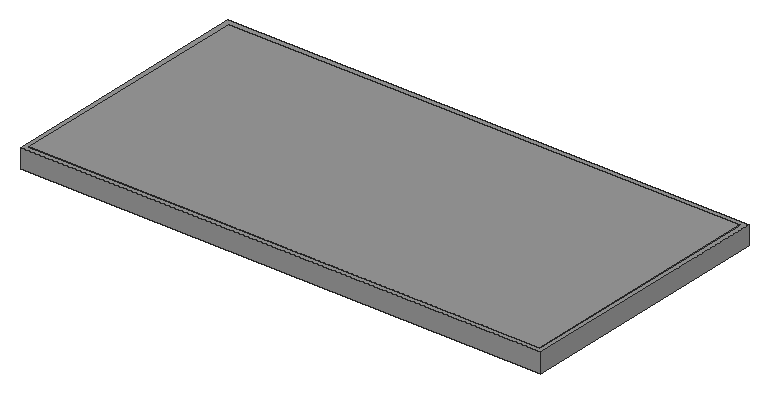
Revit family "ДВО-06 58 Вт 1195 DALI", category Осветительные приборы, Revit 2019
Family settings
  Основа = Потолок
  Размер круглого соединителя = Использовать диаметр
  Тип детали = Нормальный
  Номер OmniClass = 23.80.70.11
  Заголовок OmniClass = Luminaries for Internal Lighting
  Всегда вертикально = Да
  При загрузке вырезать с полостями = Нет
  Источник света = Да
  Общий = Нет
  Точка расчета площади = Нет
Parameters (values of type "ДВО-06-О-58-3К-IP40-DALI")
  Эффективность светильника = "122"
  Частота сети = "50 / 60 Гц"
  Цвет корпуса = "Белый"
  Файл фотометрической сетки = "INNOLUX 14 692 DVO-06-O-58-3K-IP40-DALI.ies"
  Угол наклона = 90.00°
  Типоразмер светодиода = "2835"
  Тип рассеивателя = "опал"
  Тип кривой силы света по ГОСТ 54350-2011 = "Д"
  Степень защиты (IP) = "40"
  Срок службы = "80000"
  Способ монтажа = "Встраиваемый / Накладной"
  Сила тока = "0.27 А"
  Световой поток модуля = "1047"
  Пусковой ток = "17 А"
  Потребляемый ток = "0"
  Полная установленная мощность = 58 VA
  Объём упаковки = "1.21*0.61*0.055 м"
  Напряжение = "176-264 В"
  Wattage = 47.7979 W
  built-in parameter 1150110 = 1 (stored number, unit not read)
  built-in parameter 1114217 = 0.8 (stored number, unit not read)
  built-in parameter 1150109 = 1 (stored number, unit not read)
  built-in parameter 1150134 = (empty or 0)
  built-in parameter 1150113 = 1 (stored number, unit not read)
  Lumens = 7100 lm
  built-in parameter 1150115 = 1 (stored number, unit not read)
  built-in parameter 1150105 = 565 (stored number, unit not read)
  built-in parameter 1150137 = (empty or 0)
  Материал рассеивателя = Полистирол
  Материал корпуса = Металл, окрашенный, белый, матовый
  Коэффициент пульсации = "<5%"
  built-in parameter 1150139 = (empty or 0)
  built-in parameter 1150112 = 1 (stored number, unit not read)
  built-in parameter 1150114 = 1 (stored number, unit not read)
  built-in parameter 1150132 = 2
  Коэффициент мощности = ">0.95\r\n>0.95\r\n>0.95"
  Количество модулей = "8"
  Количество в упаковке = "1"
  Кол-во светодиодов = "144"
  Климатическое исполнение = "УХЛ 4"
  Класс светораспределения по ГОСТ 54350-2011 = "П"
  Класс защиты от поражения током = "I"
  Категория по ограничению яркости = "1"
  built-in parameter 1150102 = (empty or 0)
  built-in parameter 1150138 = (empty or 0)
  built-in parameter 1150107 = 3000 (stored number, unit not read)
  built-in parameter 1150106 = 5.65 (stored number, unit not read)
  built-in parameter 1150104 = 13.8 (stored number, unit not read)
  Dimming Lamp Color Temperature Shift = (empty or 0)
  Color Filter = 16777215
  built-in parameter 1114218 = 1 (stored number, unit not read)
  built-in parameter 1150133 = 10 (stored number, unit not read)
  Индекс цветопередачи = ">80"
  Изготовитель = "INNOLUX"
  Диммирование = "нет"
  Диапазон рабочих температур = "- 20 + 40°C"
  Гарантия = "7 лет"
  Габаритная яркость = "<5000 кд / м2"
  Время импульса пускового тока = "26 мс"
  Вес светильника = "5.72 кг"
  Бренд светодиодов = "EDISON"
  Блок аварийного питания = "нет"
  Артикул = "14692"
  URL = "http://innolux.pro/katalog/upravlenie-osveshheniem/dvo-06-58-vt-1195-dali/14692.html"
  ADSK_Размер_Ширина = 595 mm
  ADSK_Размер_Длина = 1195 mm
  ADSK_Размер_Высота = 45 mm
Types (6, lengths in mm): name | Эффективность светильника | Файл фотометрической сетки | Тип рассеивателя | Световой поток модуля | Wattage | built-in parameter 1114217 | built-in parameter 1150134 | Lumens | built-in parameter 1150105 | Категория по ограничению яркости | built-in parameter 1150107 | built-in parameter 1150106 | Артикул | URL
  ДВО-06-П-58-3К-IP40-DALI | "134" | "INNOLUX 14 683 DVO-06-P-58-3K-IP40-DALI.ies" | "призма" | "968" | 52.5104 W | 0.93 (stored number, unit not read) | (empty or 0) | 7800 lm | 620.7 (stored number, unit not read) | "3" | 3000 (stored number, unit not read) | 6.207 (stored number, unit not read) | "14683" | "http://innolux.pro/katalog/upravlenie-osveshheniem/dvo-06-58-vt-1195-dali/14683.html"
  ДВО-06-П-58-4К-IP40-DALI | "134" | "INNOLUX 14 686 DVO-06-P-58-4K-IP40-DALI.ies" | "призма" | "968" | 52.5104 W | 0.93 (stored number, unit not read) | 12 | 7800 lm | 620.7 (stored number, unit not read) | "3" | 4000 (stored number, unit not read) | 6.207 (stored number, unit not read) | "14686" | "http://innolux.pro/katalog/upravlenie-osveshheniem/dvo-06-58-vt-1195-dali/14686.html"
  ДВО-06-П-58-5К-IP40-DALI | "134" | "INNOLUX 14 689 DVO-06-P-58-5K-IP40-DALI.ies" | "призма" | "968" | 52.5104 W | 0.93 (stored number, unit not read) | 2 | 7800 lm | 620.7 (stored number, unit not read) | "3" | 5000 (stored number, unit not read) | 6.207 (stored number, unit not read) | "14689" | "http://innolux.pro/katalog/upravlenie-osveshheniem/dvo-06-58-vt-1195-dali/14689.html"
  ДВО-06-О-58-3К-IP40-DALI | "122" | "INNOLUX 14 692 DVO-06-O-58-3K-IP40-DALI.ies" | "опал" | "1047" | 47.7979 W | 0.8 (stored number, unit not read) | (empty or 0) | 7100 lm | 565 (stored number, unit not read) | "1" | 3000 (stored number, unit not read) | 5.65 (stored number, unit not read) | "14692" | "http://innolux.pro/katalog/upravlenie-osveshheniem/dvo-06-58-vt-1195-dali/14692.html"
  ДВО-06-О-58-4К-IP40-DALI | "122" | "INNOLUX 14 695 DVO-06-O-58-4K-IP40-DALI.ies" | "опал" | "1047" | 47.7979 W | 0.8 (stored number, unit not read) | 12 | 7100 lm | 565 (stored number, unit not read) | "1" | 4000 (stored number, unit not read) | 5.65 (stored number, unit not read) | "14695" | "http://innolux.pro/katalog/upravlenie-osveshheniem/dvo-06-58-vt-1195-dali/14695.html"
  ДВО-06-О-58-5К-IP40-DALI | "122" | "INNOLUX 14 698 DVO-06-O-58-5K-IP40-DALI.ies" | "опал" | "1047" | 47.7979 W | 0.8 (stored number, unit not read) | 2 | 7100 lm | 565 (stored number, unit not read) | "1" | 5000 (stored number, unit not read) | 5.65 (stored number, unit not read) | "14698" | "http://innolux.pro/katalog/upravlenie-osveshheniem/dvo-06-58-vt-1195-dali/14698.html"
Reference planes
  plane 1 "Ось источника света (В/Н)": y = 0
  plane 2: z = 0
  plane 3 "Ось источника света (Л/П)": x = 0
  plane 4 "Потолок": z = 4000
  plane 5 "Отметка источника света 1": z = 3955
  plane 6: x = -597.5
  plane 7: x = 597.5
  plane 8: y = 297.5
  plane 9: y = -297.5
Forms (mm)
  Extrusion 1, solid, material "Металл, окрашенный, белый, матовый" <- "Материал корпуса"
    sketch origin (0, 0, 3955) x (-1, 0, 0) y (0, -1, 0)
      loop
        line (597.5, -297.5) -> (597.5, 297.5) -> (-597.5, 297.5) -> (-597.5, -297.5) -> (597.5, -297.5)
    from 0 to 45
  Extrusion 2, void
    sketch origin (0, 0, 3955) x (-1, 0, 0) y (0, -1, 0)
      loop
        line (586.893, -286.893) -> (586.893, 286.893) -> (-586.893, 286.893) -> (-586.893, -286.893) -> (586.893, -286.893)
    from 0 to 27.018
  Extrusion 3, solid, material "Полистирол" <- "Материал рассеивателя"
    sketch origin (0, 0, 3955) x (-1, 0, 0) y (0, -1, 0)
      loop
        line (586.893, -286.893) -> (586.893, 286.893) -> (-586.893, 286.893) -> (-586.893, -286.893) -> (586.893, -286.893)
    from 9.146 to 45
Cuts and joins
  Extrusion 2 cuts Extrusion 1
Dimensions and locks
  equal spacing: host sketch curve, plane 3 "Ось источника света (Л/П)", host sketch curve
  equal spacing: host sketch curve, plane 1 "Ось источника света (В/Н)", host sketch curve
  host sketch curve to host sketch curve = 4000 mm  (x2)
  plane 4 "Потолок" to host ceiling = 0 mm
  equal spacing: plane 6, plane 3 "Ось источника света (Л/П)", plane 7
  equal spacing: plane 8, plane 1 "Ось источника света (В/Н)", plane 9
  "ADSK_Размер_Длина": plane 6 to plane 7
  "ADSK_Размер_Ширина": plane 8 to plane 9
  "ADSK_Размер_Высота": plane 5 "Отметка источника света 1" to plane 4 "Потолок"
  aligned and locked: plane 3 "Ось источника света (Л/П)" to imposter light
  aligned and locked: plane 1 "Ось источника света (В/Н)" to imposter light
  aligned and locked: plane 5 "Отметка источника света 1" to imposter light
  aligned and locked: plane 5 "Отметка источника света 1" to Extrusion 1
  aligned and locked: Extrusion 3 to cut or joined group of Extrusion 1, Extrusion 2
  aligned and locked: cut or joined group of Extrusion 1, Extrusion 2 to Extrusion 3  (x2)
  aligned and locked: host ceiling to Extrusion 3
  aligned and locked: host ceiling to Extrusion 1
  aligned and locked: Extrusion 1 to plane 6
  aligned and locked: plane 7 to Extrusion 1
  aligned and locked: Extrusion 1 to imposter light
  aligned and locked: Extrusion 1 to plane 4 "Потолок"
  aligned and locked: Extrusion 1 to Extrusion 3
  aligned and locked: Extrusion 3 to plane 4 "Потолок"
Automatic sketch dimensions
  Extrusion 1 sketch curve to plane 7 = 0 mm
  Extrusion 1 sketch curve to plane 6 = 0 mm
  Extrusion 1 sketch curve to plane 8 = 0 mm
  Extrusion 1 sketch curve to plane 9 = 0 mm
  Extrusion 2 sketch curve to plane 7 = 10.607 mm
  plane 6 to Extrusion 2 sketch curve = 10.607 mm
  Extrusion 2 sketch curve to plane 8 = 10.607 mm
  plane 9 to Extrusion 2 sketch curve = 10.607 mm
  Extrusion 3 sketch curve to plane 7 = 10.607 mm
  plane 6 to Extrusion 3 sketch curve = 10.607 mm
  Extrusion 3 sketch curve to plane 8 = 10.607 mm
  plane 9 to Extrusion 3 sketch curve = 10.607 mm
Connectors
  electrical at (0, 0, 4000)
    settings: on cut or joined group of Extrusion 1, Extrusion 2, index 1, voltage 0 V, apparent load 0 VA, apparent load phase1 0 VA, apparent load phase2 0 VA, apparent load phase3 0 VA, power factor 1, load classification "Прочее", number of poles 1, system type 31, power factor state 1, is connector primary yes, connector utility no, sub classification motor no, connector description ""
